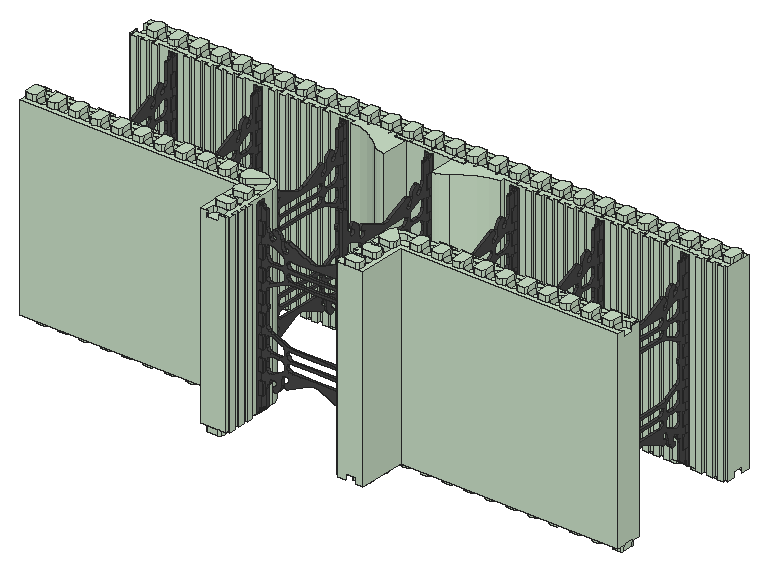
Revit family (continued)
Forms (in)
  Extrusion 95, void
    sketch origin (-11.99998, -0.00002, 0) x (0, -1, 0) y (1, 0, 0)
      loop
        arc (-4.89808, 25.99998) -> (-5.04517, 25.95213) -> (-5.13595, 25.8269) r 0.25
        arc (-5.13595, 25.8269) -> (-5.1875, 25.49998) -> (-5.13595, 25.17306) r 1.0625
    from 0 to 0.5
  Extrusion 96, void
    sketch origin (-9.99998, -0.00002, 0) x (0, -1, 0) y (1, 0, 0)
      loop
        arc (-5.13595, 25.17306) -> (-5.04517, 25.04783) -> (-4.89808, 24.99998) r 0.25
        line (-4.89808, 24.99998) -> (-3.97692, 24.99998)
        arc (-3.97692, 24.99998) -> (-3.82983, 25.04783) -> (-3.73905, 25.17306) r 0.25
        arc (-3.73905, 25.17306) -> (-3.69045, 25.4209) -> (-3.70172, 25.67321) r 1.0625
        arc (-3.70172, 25.67321) -> (-3.68771, 25.72383) -> (-3.64005, 25.7459) r 0.0625
        line (-3.64005, 25.7459) -> (-3.41845, 25.7459) -> (-3.41845, 25.91673) -> (-3.76455, 25.91673)
        arc (-3.76455, 25.91673) -> (-3.78736, 25.92104) -> (-3.80702, 25.93338) r 0.0625
        arc (-3.80702, 25.93338) -> (-3.88568, 25.98274) -> (-3.97692, 25.99998) r 0.25
        line (-3.97692, 25.99998) -> (-4.89808, 25.99998)
        arc (-4.89808, 25.99998) -> (-5.04517, 25.95213) -> (-5.13595, 25.8269) r 0.25
        arc (-5.13595, 25.8269) -> (-5.1875, 25.49998) -> (-5.13595, 25.17306) r 1.0625
    from 0 to 0.5
  Extrusion 97, void
    sketch origin (-7.99998, -0.00002, 0) x (0, -1, 0) y (1, 0, 0)
      loop
        arc (-5.13595, 25.17306) -> (-5.04517, 25.04783) -> (-4.89808, 24.99998) r 0.25
        line (-4.89808, 24.99998) -> (-3.97692, 24.99998)
        arc (-3.97692, 24.99998) -> (-3.82983, 25.04783) -> (-3.73905, 25.17306) r 0.25
        arc (-3.73905, 25.17306) -> (-3.69045, 25.4209) -> (-3.70172, 25.67321) r 1.0625
        arc (-3.70172, 25.67321) -> (-3.68771, 25.72383) -> (-3.64005, 25.7459) r 0.0625
        line (-3.64005, 25.7459) -> (-3.41845, 25.7459) -> (-3.41845, 25.91673) -> (-3.76455, 25.91673)
        arc (-3.76455, 25.91673) -> (-3.78736, 25.92104) -> (-3.80702, 25.93338) r 0.0625
        arc (-3.80702, 25.93338) -> (-3.88568, 25.98274) -> (-3.97692, 25.99998) r 0.25
        line (-3.97692, 25.99998) -> (-4.89808, 25.99998)
        arc (-4.89808, 25.99998) -> (-5.04517, 25.95213) -> (-5.13595, 25.8269) r 0.25
        arc (-5.13595, 25.8269) -> (-5.1875, 25.49998) -> (-5.13595, 25.17306) r 1.0625
    from 0 to 0.5
  Extrusion 98, void
    sketch origin (-5.99998, -0.00002, 0) x (0, -1, 0) y (1, 0, 0)
      loop
        arc (-5.13595, 25.17306) -> (-5.04517, 25.04783) -> (-4.89808, 24.99998) r 0.25
        line (-4.89808, 24.99998) -> (-3.97692, 24.99998)
        arc (-3.97692, 24.99998) -> (-3.82983, 25.04783) -> (-3.73905, 25.17306) r 0.25
        arc (-3.73905, 25.17306) -> (-3.69045, 25.4209) -> (-3.70172, 25.67321) r 1.0625
        arc (-3.70172, 25.67321) -> (-3.68771, 25.72383) -> (-3.64005, 25.7459) r 0.0625
        line (-3.64005, 25.7459) -> (-3.41845, 25.7459) -> (-3.41845, 25.91673) -> (-3.76455, 25.91673)
        arc (-3.76455, 25.91673) -> (-3.78736, 25.92104) -> (-3.80702, 25.93338) r 0.0625
        arc (-3.80702, 25.93338) -> (-3.88568, 25.98274) -> (-3.97692, 25.99998) r 0.25
        line (-3.97692, 25.99998) -> (-4.89808, 25.99998)
        arc (-4.89808, 25.99998) -> (-5.04517, 25.95213) -> (-5.13595, 25.8269) r 0.25
        arc (-5.13595, 25.8269) -> (-5.1875, 25.49998) -> (-5.13595, 25.17306) r 1.0625
    from 0 to 0.5
  Extrusion 99, void
    sketch origin (-3.99998, -0.00002, 0) x (0, -1, 0) y (1, 0, 0)
      loop
        arc (-5.13595, 25.17306) -> (-5.04517, 25.04783) -> (-4.89808, 24.99998) r 0.25
        line (-4.89808, 24.99998) -> (-3.97692, 24.99998)
        arc (-3.97692, 24.99998) -> (-3.82983, 25.04783) -> (-3.73905, 25.17306) r 0.25
        arc (-3.73905, 25.17306) -> (-3.69045, 25.4209) -> (-3.70172, 25.67321) r 1.0625
        arc (-3.70172, 25.67321) -> (-3.68771, 25.72383) -> (-3.64005, 25.7459) r 0.0625
        line (-3.64005, 25.7459) -> (-3.41845, 25.7459) -> (-3.41845, 25.91673) -> (-3.76455, 25.91673)
        arc (-3.76455, 25.91673) -> (-3.78736, 25.92104) -> (-3.80702, 25.93338) r 0.0625
        arc (-3.80702, 25.93338) -> (-3.88568, 25.98274) -> (-3.97692, 25.99998) r 0.25
        line (-3.97692, 25.99998) -> (-4.89808, 25.99998)
        arc (-4.89808, 25.99998) -> (-5.04517, 25.95213) -> (-5.13595, 25.8269) r 0.25
        arc (-5.13595, 25.8269) -> (-5.1875, 25.49998) -> (-5.13595, 25.17306) r 1.0625
    from 0 to 0.5
  Extrusion 100, void
    sketch origin (-1.99998, -0.00002, 0) x (0, -1, 0) y (1, 0, 0)
      loop
        arc (-5.13595, 25.17306) -> (-5.04517, 25.04783) -> (-4.89808, 24.99998) r 0.25
        line (-4.89808, 24.99998) -> (-3.97692, 24.99998)
        arc (-3.97692, 24.99998) -> (-3.82983, 25.04783) -> (-3.73905, 25.17306) r 0.25
        arc (-3.73905, 25.17306) -> (-3.69045, 25.4209) -> (-3.70172, 25.67321) r 1.0625
        arc (-3.70172, 25.67321) -> (-3.68771, 25.72383) -> (-3.64005, 25.7459) r 0.0625
        line (-3.64005, 25.7459) -> (-3.41845, 25.7459) -> (-3.41845, 25.91673) -> (-3.76455, 25.91673)
        arc (-3.76455, 25.91673) -> (-3.78736, 25.92104) -> (-3.80702, 25.93338) r 0.0625
        arc (-3.80702, 25.93338) -> (-3.88568, 25.98274) -> (-3.97692, 25.99998) r 0.25
        line (-3.97692, 25.99998) -> (-4.89808, 25.99998)
        arc (-4.89808, 25.99998) -> (-5.04517, 25.95213) -> (-5.13595, 25.8269) r 0.25
        arc (-5.13595, 25.8269) -> (-5.1875, 25.49998) -> (-5.13595, 25.17306) r 1.0625
    from 0 to 0.5
  Extrusion 101, void
    sketch origin (0.00002, -0.00002, 0) x (0, -1, 0) y (1, 0, 0)
      loop
        arc (-5.13595, 25.17306) -> (-5.04517, 25.04783) -> (-4.89808, 24.99998) r 0.25
        line (-4.89808, 24.99998) -> (-3.97692, 24.99998)
        arc (-3.97692, 24.99998) -> (-3.82983, 25.04783) -> (-3.73905, 25.17306) r 0.25
        arc (-3.73905, 25.17306) -> (-3.69045, 25.4209) -> (-3.70172, 25.67321) r 1.0625
        arc (-3.70172, 25.67321) -> (-3.68771, 25.72383) -> (-3.64005, 25.7459) r 0.0625
        line (-3.64005, 25.7459) -> (-3.41845, 25.7459) -> (-3.41845, 25.91673) -> (-3.76455, 25.91673)
        arc (-3.76455, 25.91673) -> (-3.78736, 25.92104) -> (-3.80702, 25.93338) r 0.0625
        arc (-3.80702, 25.93338) -> (-3.88568, 25.98274) -> (-3.97692, 25.99998) r 0.25
        line (-3.97692, 25.99998) -> (-4.89808, 25.99998)
        arc (-4.89808, 25.99998) -> (-5.04517, 25.95213) -> (-5.13595, 25.8269) r 0.25
        arc (-5.13595, 25.8269) -> (-5.1875, 25.49998) -> (-5.13595, 25.17306) r 1.0625
    from 0 to 0.5
  Extrusion 102, void
    sketch origin (-49.99998, -0.00002, 0) x (0, -1, 0) y (1, 0, 0)
      loop
        arc (-5.13595, 25.17306) -> (-5.04517, 25.04783) -> (-4.89808, 24.99998) r 0.25
        line (-4.89808, 24.99998) -> (-3.97692, 24.99998)
        arc (-3.97692, 24.99998) -> (-3.82983, 25.04783) -> (-3.73905, 25.17306) r 0.25
        arc (-3.73905, 25.17306) -> (-3.69045, 25.4209) -> (-3.70172, 25.67321) r 1.0625
        arc (-3.70172, 25.67321) -> (-3.68771, 25.72383) -> (-3.64005, 25.7459) r 0.0625
        line (-3.64005, 25.7459) -> (-3.41845, 25.7459) -> (-3.41845, 25.91673) -> (-3.76455, 25.91673)
        arc (-3.76455, 25.91673) -> (-3.78736, 25.92104) -> (-3.80702, 25.93338) r 0.0625
        arc (-3.80702, 25.93338) -> (-3.88568, 25.98274) -> (-3.97692, 25.99998) r 0.25
        line (-3.97692, 25.99998) -> (-4.89808, 25.99998)
        arc (-4.89808, 25.99998) -> (-5.04517, 25.95213) -> (-5.13595, 25.8269) r 0.25
        arc (-5.13595, 25.8269) -> (-5.1875, 25.49998) -> (-5.13595, 25.17306) r 1.0625
    from 0 to 0.5
  Extrusion 103, void
    sketch origin (-47.99998, -0.00002, 0) x (0, -1, 0) y (1, 0, 0)
      loop
        arc (-5.13595, 25.17306) -> (-5.04517, 25.04783) -> (-4.89808, 24.99998) r 0.25
        line (-4.89808, 24.99998) -> (-3.97692, 24.99998)
        arc (-3.97692, 24.99998) -> (-3.82983, 25.04783) -> (-3.73905, 25.17306) r 0.25
        arc (-3.73905, 25.17306) -> (-3.69045, 25.4209) -> (-3.70172, 25.67321) r 1.0625
        arc (-3.70172, 25.67321) -> (-3.68771, 25.72383) -> (-3.64005, 25.7459) r 0.0625
        line (-3.64005, 25.7459) -> (-3.41845, 25.7459) -> (-3.41845, 25.91673) -> (-3.76455, 25.91673)
        arc (-3.76455, 25.91673) -> (-3.78736, 25.92104) -> (-3.80702, 25.93338) r 0.0625
        arc (-3.80702, 25.93338) -> (-3.88568, 25.98274) -> (-3.97692, 25.99998) r 0.25
        line (-3.97692, 25.99998) -> (-4.89808, 25.99998)
        arc (-4.89808, 25.99998) -> (-5.04517, 25.95213) -> (-5.13595, 25.8269) r 0.25
        arc (-5.13595, 25.8269) -> (-5.1875, 25.49998) -> (-5.13595, 25.17306) r 1.0625
    from 0 to 0.5
  Extrusion 104, void
    sketch origin (-45.99998, -0.00002, 0) x (0, -1, 0) y (1, 0, 0)
      loop
        arc (-5.13595, 25.17306) -> (-5.04517, 25.04783) -> (-4.89808, 24.99998) r 0.25
        line (-4.89808, 24.99998) -> (-3.97692, 24.99998)
        arc (-3.97692, 24.99998) -> (-3.82983, 25.04783) -> (-3.73905, 25.17306) r 0.25
        arc (-3.73905, 25.17306) -> (-3.69045, 25.4209) -> (-3.70172, 25.67321) r 1.0625
        arc (-3.70172, 25.67321) -> (-3.68771, 25.72383) -> (-3.64005, 25.7459) r 0.0625
        line (-3.64005, 25.7459) -> (-3.41845, 25.7459) -> (-3.41845, 25.91673) -> (-3.76455, 25.91673)
        arc (-3.76455, 25.91673) -> (-3.78736, 25.92104) -> (-3.80702, 25.93338) r 0.0625
        arc (-3.80702, 25.93338) -> (-3.88568, 25.98274) -> (-3.97692, 25.99998) r 0.25
        line (-3.97692, 25.99998) -> (-4.89808, 25.99998)
        arc (-4.89808, 25.99998) -> (-5.04517, 25.95213) -> (-5.13595, 25.8269) r 0.25
        arc (-5.13595, 25.8269) -> (-5.1875, 25.49998) -> (-5.13595, 25.17306) r 1.0625
    from 0 to 0.5
  Extrusion 105, void
    sketch origin (-43.99998, -0.00002, 0) x (0, -1, 0) y (1, 0, 0)
      loop
        arc (-5.13595, 25.17306) -> (-5.04517, 25.04783) -> (-4.89808, 24.99998) r 0.25
        line (-4.89808, 24.99998) -> (-3.97692, 24.99998)
        arc (-3.97692, 24.99998) -> (-3.82983, 25.04783) -> (-3.73905, 25.17306) r 0.25
        arc (-3.73905, 25.17306) -> (-3.69045, 25.4209) -> (-3.70172, 25.67321) r 1.0625
        arc (-3.70172, 25.67321) -> (-3.68771, 25.72383) -> (-3.64005, 25.7459) r 0.0625
        line (-3.64005, 25.7459) -> (-3.41845, 25.7459) -> (-3.41845, 25.91673) -> (-3.76455, 25.91673)
        arc (-3.76455, 25.91673) -> (-3.78736, 25.92104) -> (-3.80702, 25.93338) r 0.0625
        arc (-3.80702, 25.93338) -> (-3.88568, 25.98274) -> (-3.97692, 25.99998) r 0.25
        line (-3.97692, 25.99998) -> (-4.89808, 25.99998)
        arc (-4.89808, 25.99998) -> (-5.04517, 25.95213) -> (-5.13595, 25.8269) r 0.25
        arc (-5.13595, 25.8269) -> (-5.1875, 25.49998) -> (-5.13595, 25.17306) r 1.0625
    from 0 to 0.5
  Extrusion 106, void
    sketch origin (-41.99998, -0.00002, 0) x (0, -1, 0) y (1, 0, 0)
      loop
        arc (-5.13595, 25.17306) -> (-5.04517, 25.04783) -> (-4.89808, 24.99998) r 0.25
        line (-4.89808, 24.99998) -> (-3.97692, 24.99998)
        arc (-3.97692, 24.99998) -> (-3.82983, 25.04783) -> (-3.73905, 25.17306) r 0.25
        arc (-3.73905, 25.17306) -> (-3.69045, 25.4209) -> (-3.70172, 25.67321) r 1.0625
        arc (-3.70172, 25.67321) -> (-3.68771, 25.72383) -> (-3.64005, 25.7459) r 0.0625
        line (-3.64005, 25.7459) -> (-3.41845, 25.7459) -> (-3.41845, 25.91673) -> (-3.76455, 25.91673)
        arc (-3.76455, 25.91673) -> (-3.78736, 25.92104) -> (-3.80702, 25.93338) r 0.0625
        arc (-3.80702, 25.93338) -> (-3.88568, 25.98274) -> (-3.97692, 25.99998) r 0.25
        line (-3.97692, 25.99998) -> (-4.89808, 25.99998)
        arc (-4.89808, 25.99998) -> (-5.04517, 25.95213) -> (-5.13595, 25.8269) r 0.25
        arc (-5.13595, 25.8269) -> (-5.1875, 25.49998) -> (-5.13595, 25.17306) r 1.0625
    from 0 to 0.5
  Extrusion 107, void
    sketch origin (-39.99998, -0.00002, 0) x (0, -1, 0) y (1, 0, 0)
      loop
        arc (-5.13595, 25.17306) -> (-5.04517, 25.04783) -> (-4.89808, 24.99998) r 0.25
        line (-4.89808, 24.99998) -> (-3.97692, 24.99998)
        arc (-3.97692, 24.99998) -> (-3.82983, 25.04783) -> (-3.73905, 25.17306) r 0.25
        arc (-3.73905, 25.17306) -> (-3.69045, 25.4209) -> (-3.70172, 25.67321) r 1.0625
        arc (-3.70172, 25.67321) -> (-3.68771, 25.72383) -> (-3.64005, 25.7459) r 0.0625
        line (-3.64005, 25.7459) -> (-3.41845, 25.7459) -> (-3.41845, 25.91673) -> (-3.76455, 25.91673)
        arc (-3.76455, 25.91673) -> (-3.78736, 25.92104) -> (-3.80702, 25.93338) r 0.0625
        arc (-3.80702, 25.93338) -> (-3.88568, 25.98274) -> (-3.97692, 25.99998) r 0.25
        line (-3.97692, 25.99998) -> (-4.89808, 25.99998)
        arc (-4.89808, 25.99998) -> (-5.04517, 25.95213) -> (-5.13595, 25.8269) r 0.25
        arc (-5.13595, 25.8269) -> (-5.1875, 25.49998) -> (-5.13595, 25.17306) r 1.0625
    from 0 to 0.5
  Extrusion 108, void
    sketch origin (-37.99998, -0.00002, 0) x (0, -1, 0) y (1, 0, 0)
      loop
        arc (-5.13595, 25.17306) -> (-5.04517, 25.04783) -> (-4.89808, 24.99998) r 0.25
        line (-4.89808, 24.99998) -> (-3.97692, 24.99998)
        arc (-3.97692, 24.99998) -> (-3.82983, 25.04783) -> (-3.73905, 25.17306) r 0.25
        arc (-3.73905, 25.17306) -> (-3.69045, 25.4209) -> (-3.70172, 25.67321) r 1.0625
        arc (-3.70172, 25.67321) -> (-3.68771, 25.72383) -> (-3.64005, 25.7459) r 0.0625
        line (-3.64005, 25.7459) -> (-3.41845, 25.7459) -> (-3.41845, 25.91673) -> (-3.76455, 25.91673)
        arc (-3.76455, 25.91673) -> (-3.78736, 25.92104) -> (-3.80702, 25.93338) r 0.0625
        arc (-3.80702, 25.93338) -> (-3.88568, 25.98274) -> (-3.97692, 25.99998) r 0.25
        line (-3.97692, 25.99998) -> (-4.89808, 25.99998)
        arc (-4.89808, 25.99998) -> (-5.04517, 25.95213) -> (-5.13595, 25.8269) r 0.25
        arc (-5.13595, 25.8269) -> (-5.1875, 25.49998) -> (-5.13595, 25.17306) r 1.0625
    from 0 to 0.5
  Extrusion 109, void
    sketch origin (-35.99998, -0.00002, 0) x (0, -1, 0) y (1, 0, 0)
      loop
        arc (-5.13595, 25.17306) -> (-5.04517, 25.04783) -> (-4.89808, 24.99998) r 0.25
        line (-4.89808, 24.99998) -> (-3.97692, 24.99998)
        arc (-3.97692, 24.99998) -> (-3.82983, 25.04783) -> (-3.73905, 25.17306) r 0.25
        arc (-3.73905, 25.17306) -> (-3.69045, 25.4209) -> (-3.70172, 25.67321) r 1.0625
        arc (-3.70172, 25.67321) -> (-3.68771, 25.72383) -> (-3.64005, 25.7459) r 0.0625
        line (-3.64005, 25.7459) -> (-3.41845, 25.7459) -> (-3.41845, 25.91673) -> (-3.76455, 25.91673)
        arc (-3.76455, 25.91673) -> (-3.78736, 25.92104) -> (-3.80702, 25.93338) r 0.0625
        arc (-3.80702, 25.93338) -> (-3.88568, 25.98274) -> (-3.97692, 25.99998) r 0.25
        line (-3.97692, 25.99998) -> (-4.89808, 25.99998)
        arc (-4.89808, 25.99998) -> (-5.04517, 25.95213) -> (-5.13595, 25.8269) r 0.25
        arc (-5.13595, 25.8269) -> (-5.1875, 25.49998) -> (-5.13595, 25.17306) r 1.0625
    from 0 to 0.5
  Extrusion 110, void
    sketch origin (51.99998, -0.00002, 0) x (0, -1, 0) y (1, 0, 0)
      loop
        arc (-5.13595, -25.17306) -> (-5.1875, -25.49998) -> (-5.13595, -25.8269) r 1.0625
        arc (-5.13595, -25.8269) -> (-5.04517, -25.95213) -> (-4.89808, -25.99998) r 0.25
        line (-4.89808, -25.99998) -> (-3.97692, -25.99998)
        arc (-3.97692, -25.99998) -> (-3.88568, -25.98274) -> (-3.80702, -25.93338) r 0.25
        arc (-3.80702, -25.93338) -> (-3.78736, -25.92104) -> (-3.76455, -25.91673) r 0.0625
        line (-3.76455, -25.91673) -> (-3.41845, -25.91673) -> (-3.41845, -25.7459) -> (-3.64005, -25.7459)
        arc (-3.64005, -25.7459) -> (-3.68771, -25.72383) -> (-3.70172, -25.67321) r 0.0625
        arc (-3.70172, -25.67321) -> (-3.69045, -25.4209) -> (-3.73905, -25.17306) r 1.0625
        arc (-3.73905, -25.17306) -> (-3.82983, -25.04783) -> (-3.97692, -24.99998) r 0.25
        line (-3.97692, -24.99998) -> (-4.89808, -24.99998)
        arc (-4.89808, -24.99998) -> (-5.04517, -25.04783) -> (-5.13595, -25.17306) r 0.25
    from 18 to 17.5
  Extrusion 111, void
    sketch origin (2.00002, -0.00002, 0) x (0, -1, 0) y (1, 0, 0)
      loop
        arc (-5.13595, 25.17306) -> (-5.04517, 25.04783) -> (-4.89808, 24.99998) r 0.25
        line (-4.89808, 24.99998) -> (-3.97692, 24.99998)
        arc (-3.97692, 24.99998) -> (-3.82983, 25.04783) -> (-3.73905, 25.17306) r 0.25
        arc (-3.73905, 25.17306) -> (-3.69045, 25.4209) -> (-3.70172, 25.67321) r 1.0625
        arc (-3.70172, 25.67321) -> (-3.68771, 25.72383) -> (-3.64005, 25.7459) r 0.0625
        line (-3.64005, 25.7459) -> (-3.41845, 25.7459) -> (-3.41845, 25.91673) -> (-3.76455, 25.91673)
        arc (-3.76455, 25.91673) -> (-3.78736, 25.92104) -> (-3.80702, 25.93338) r 0.0625
        arc (-3.80702, 25.93338) -> (-3.88568, 25.98274) -> (-3.97692, 25.99998) r 0.25
        line (-3.97692, 25.99998) -> (-4.89808, 25.99998)
        arc (-4.89808, 25.99998) -> (-5.04517, 25.95213) -> (-5.13595, 25.8269) r 0.25
        arc (-5.13595, 25.8269) -> (-5.1875, 25.49998) -> (-5.13595, 25.17306) r 1.0625
    from 0 to 0.5
  Extrusion 112, solid, material "NUDURA Expanded Polystyrene Foam Insulation"
    sketch origin (0, 0, 0) x (1, 0, 0) y (0, 1, 0)
      loop
        line (5.25, 5.62754) -> (-1.25, 5.62754) -> (-1.25, 5.17633) -> (-1, 5.24332) -> (-1, 4.63633) -> (-1.25, 4.69867) -> (-1.25, 4.17633) -> (-1, 4.24332) -> (-1, 3.63633) -> (-1.25, 3.69867) -> (-1.25, 3.25) -> (5.25, 3.25) -> (5.25, 3.69867) -> (5, 3.63633) -> (5, 4.24332) -> (5.25, 4.17633) -> (5.25, 4.69867) -> (5, 4.63633) -> (5, 5.24332) -> (5.25, 5.17633) -> (5.25, 5.62754)
    from 0 to 18
  Extrusion 113, void
    sketch origin (53.99998, -0.00002, 0) x (0, -1, 0) y (1, 0, 0)
      loop
        arc (-5.13595, -25.17306) -> (-5.1875, -25.49998) -> (-5.13595, -25.8269) r 1.0625
        arc (-5.13595, -25.8269) -> (-5.04517, -25.95213) -> (-4.89808, -25.99998) r 0.25
        line (-4.89808, -25.99998) -> (-3.97692, -25.99998)
        arc (-3.97692, -25.99998) -> (-3.88568, -25.98274) -> (-3.80702, -25.93338) r 0.25
        arc (-3.80702, -25.93338) -> (-3.78736, -25.92104) -> (-3.76455, -25.91673) r 0.0625
        line (-3.76455, -25.91673) -> (-3.41845, -25.91673) -> (-3.41845, -25.7459) -> (-3.64005, -25.7459)
        arc (-3.64005, -25.7459) -> (-3.68771, -25.72383) -> (-3.70172, -25.67321) r 0.0625
        arc (-3.70172, -25.67321) -> (-3.69045, -25.4209) -> (-3.73905, -25.17306) r 1.0625
        arc (-3.73905, -25.17306) -> (-3.82983, -25.04783) -> (-3.97692, -24.99998) r 0.25
        line (-3.97692, -24.99998) -> (-4.89808, -24.99998)
        arc (-4.89808, -24.99998) -> (-5.04517, -25.04783) -> (-5.13595, -25.17306) r 0.25
    from 18 to 17.5
  Extrusion 114, void
    sketch origin (4.00002, -0.00002, 0) x (0, -1, 0) y (1, 0, 0)
      loop
        arc (-5.13595, 25.17306) -> (-5.04517, 25.04783) -> (-4.89808, 24.99998) r 0.25
        line (-4.89808, 24.99998) -> (-3.97692, 24.99998)
        arc (-3.97692, 24.99998) -> (-3.82983, 25.04783) -> (-3.73905, 25.17306) r 0.25
        arc (-3.73905, 25.17306) -> (-3.69045, 25.4209) -> (-3.70172, 25.67321) r 1.0625
        arc (-3.70172, 25.67321) -> (-3.68771, 25.72383) -> (-3.64005, 25.7459) r 0.0625
        line (-3.64005, 25.7459) -> (-3.41845, 25.7459) -> (-3.41845, 25.91673) -> (-3.76455, 25.91673)
        arc (-3.76455, 25.91673) -> (-3.78736, 25.92104) -> (-3.80702, 25.93338) r 0.0625
        arc (-3.80702, 25.93338) -> (-3.88568, 25.98274) -> (-3.97692, 25.99998) r 0.25
        line (-3.97692, 25.99998) -> (-4.89808, 25.99998)
        arc (-4.89808, 25.99998) -> (-5.04517, 25.95213) -> (-5.13595, 25.8269) r 0.25
        arc (-5.13595, 25.8269) -> (-5.1875, 25.49998) -> (-5.13595, 25.17306) r 1.0625
    from 0 to 0.5
Cuts and joins
  Extrusion 2, Extrusion 3, Extrusion 4, Extrusion 5, Extrusion 6, Extrusion 7, Extrusion 8, Extrusion 9, Extrusion 10, Extrusion 11, Extrusion 12, Extrusion 13, Extrusion 14, Extrusion 15, Extrusion 16, Extrusion 17, Extrusion 18, Extrusion 19, Extrusion 20, Extrusion 21, Extrusion 22, Extrusion 23, Extrusion 24, Extrusion 25, Extrusion 26, Extrusion 27, Extrusion 28, Extrusion 29, Extrusion 30, Extrusion 31, Extrusion 32, Extrusion 33, Extrusion 34, Extrusion 35, Extrusion 36, Extrusion 37, Extrusion 38, Extrusion 39, Extrusion 40, Extrusion 41, Extrusion 46, Extrusion 47, Extrusion 48, Extrusion 49, Extrusion 50, Extrusion 51, Extrusion 52, Extrusion 53, Extrusion 54, Extrusion 55, Extrusion 56, Extrusion 57, Extrusion 58, Extrusion 59, Extrusion 60, Extrusion 61, Extrusion 62, Extrusion 63, Extrusion 64, Extrusion 65, Extrusion 66, Extrusion 67, Extrusion 68, Extrusion 69, Extrusion 70, Extrusion 71, Extrusion 72, Extrusion 73, Extrusion 74, Extrusion 75, Extrusion 76, Extrusion 77, Extrusion 78, Extrusion 79, Extrusion 80, Extrusion 81, Extrusion 82, Extrusion 83, Extrusion 84, Extrusion 85, Extrusion 86, Extrusion 87, Extrusion 88, Extrusion 89, Extrusion 90, Extrusion 91, Extrusion 92, Extrusion 93, Extrusion 94, Extrusion 95, Extrusion 96, Extrusion 97, Extrusion 98, Extrusion 99, Extrusion 100, Extrusion 101, Extrusion 102, Extrusion 103, Extrusion 104, Extrusion 105, Extrusion 106, Extrusion 107, Extrusion 108, Extrusion 109, Extrusion 110, Extrusion 111, Extrusion 113, Extrusion 114 cuts Extrusion 1
  Extrusion 54 cuts Extrusion 43
  Extrusion 86 cuts Extrusion 45
  Extrusion 26, Extrusion 27, Extrusion 28, Extrusion 29, Extrusion 36, Extrusion 37, Extrusion 38 cuts Extrusion 112
Lines and regions (in)
  model lines
    curve 1: line (0, 5.62754, 18) -> (0, 5.62754, 0)
    curve 2: line (-2, 5.62754, 0) -> (-2, 5.62754, 18)
Dimensions and locks (in)
  locked: plane 8 to level at 18  (x2)
  locked: plane 5 to plane 4 at 10
  locked: plane 7 to plane 6 at 10
  aligned and locked: plane 8 to Extrusion 1
  aligned and locked: Extrusion 1 to level
  aligned and locked: Extrusion 1 to plane 8
  aligned and locked: plane 2 to level
  aligned: cut or joined group 1 (Extrusion 1, Extrusion 2, Extrusion 3, Extrusion 4, Extrusion 5, Extrusion 6, Extrusion 7, Extrusion 8, Extrusion 9, Extrusion 10, Extrusion 11, Extrusion 12, Extrusion 13, Extrusion 14, Extrusion 15, Extrusion 16, Extrusion 17, Extrusion 18, Extrusion 19, Extrusion 20, Extrusion 21, Extrusion 22, Extrusion 23, Extrusion 24, Extrusion 25, Extrusion 26, Extrusion 27, Extrusion 28, Extrusion 29, Extrusion 30, Extrusion 31, Extrusion 32, Extrusion 33, Extrusion 34, Extrusion 35, Extrusion 36, Extrusion 37, Extrusion 38, Extrusion 39, Extrusion 40, Extrusion 41, Extrusion 46, Extrusion 47, Extrusion 48, Extrusion 49, Extrusion 50, Extrusion 51, Extrusion 52, Extrusion 53, Extrusion 54, Extrusion 55, Extrusion 56, Extrusion 57, Extrusion 58, Extrusion 59, Extrusion 60, Extrusion 61, Extrusion 62, Extrusion 63, Extrusion 64, Extrusion 65, Extrusion 66, Extrusion 67, Extrusion 68, Extrusion 69, Extrusion 70, Extrusion 71, Extrusion 72, Extrusion 73, Extrusion 74, Extrusion 75, Extrusion 76, Extrusion 77, Extrusion 78, Extrusion 79, Extrusion 80, Extrusion 81, Extrusion 82, Extrusion 83, Extrusion 84, Extrusion 85, Extrusion 86, Extrusion 87, Extrusion 88, Extrusion 89, Extrusion 90, Extrusion 91, Extrusion 92, Extrusion 93, Extrusion 94, Extrusion 95, Extrusion 96, Extrusion 97, Extrusion 98, Extrusion 99, Extrusion 100, Extrusion 101, Extrusion 102, Extrusion 103, Extrusion 104, Extrusion 105, Extrusion 106, Extrusion 107, Extrusion 108, Extrusion 109, Extrusion 110, Extrusion 111, Extrusion 113, Extrusion 114) to nested 37
  aligned: nested 39 to cut or joined group 1
  aligned: nested 40 to cut or joined group 1
  aligned: cut or joined group 1 to nested 41
  aligned and locked: cut or joined group 1 to nested 106
  aligned and locked: cut or joined group 1 to nested 107
  aligned and locked: nested 40 to nested 41
  aligned and locked: nested 108 to nested 40
  aligned and locked: cut or joined group 1 to nested 109
  aligned and locked: nested 111 to cut or joined group 1
  aligned and locked: cut or joined group 1 to nested 110
  aligned: nested 112 to cut or joined group 1  (x2)
  aligned: nested 113 to cut or joined group 1
  aligned: nested 114 to cut or joined group 1
  aligned and locked: nested 113 to nested 110
  aligned and locked: nested 127 to cut or joined group of Extrusion 26, Extrusion 27, Extrusion 28, Extrusion 29, Extrusion 36, Extrusion 37, Extrusion 38, Extrusion 112
Nested families (in)
  nested 1: "Interlock Tooth" at (4, -13.99998, 0) x (0, 1, 0) z (0, 0, 1), type "Interlock Tooth"
  nested 2: "Interlock Tooth" at (4, -11.99998, 0) x (0, 1, 0) z (0, 0, 1), type "Interlock Tooth"
  nested 3: "Interlock Tooth" at (0, -12.99998, 0) x (0, 1, 0) z (0, 0, 1), type "Interlock Tooth"
  nested 4: "Interlock Tooth" at (0, -10.99998, 0) x (0, 1, 0) z (0, 0, 1), type "Interlock Tooth"
  nested 5: "Interlock Tooth" at (-10, -3.99998, 0), type "Interlock Tooth"
  nested 6: "Interlock Tooth" at (-8, -3.99998, 0), type "Interlock Tooth"
  nested 7: "Interlock Tooth" at (10, -3.99998, 0), type "Interlock Tooth"
  nested 8: "Interlock Tooth" at (12, -3.99998, 0), type "Interlock Tooth"
  nested 9: "Interlock Tooth" at (-9, -3.99998, -18.5), type "Interlock Tooth"
  nested 10: "Interlock Tooth" at (-7, -3.99998, -18.5), type "Interlock Tooth"
  nested 11: "Interlock Tooth" at (13, -3.99998, -18.5), type "Interlock Tooth"
  nested 12: "Interlock Tooth" at (11, -3.99998, -18.5), type "Interlock Tooth"
  nested 13: "Interlock Tooth" at (0, -12.99998, -18.5) x (0, -1, 0) z (0, 0, 1), type "Interlock Tooth"
  nested 14: "Interlock Tooth" at (0, -10.99998, -18.5) x (0, -1, 0) z (0, 0, 1), type "Interlock Tooth"
  nested 15: "Interlock Tooth" at (4, -12.99998, -18.5) x (0, 1, 0) z (0, 0, 1), type "Interlock Tooth"
  nested 16: "Interlock Tooth" at (4, -10.99998, -18.5) x (0, 1, 0) z (0, 0, 1), type "Interlock Tooth"
  nested 17: "Interlock Tooth" at (-8, -0.00002, 0) x (-1, 0, 0) z (0, 0, 1), type "Interlock Tooth"
  nested 18: "Interlock Tooth" at (-9, -0.00002, -18.5) x (-1, 0, 0) z (0, 0, 1), type "Interlock Tooth"
  nested 19: "Interlock Tooth" at (-6, -0.00002, 0) x (-1, 0, 0) z (0, 0, 1), type "Interlock Tooth"
  nested 20: "Interlock Tooth" at (-7, -0.00002, -18.5) x (-1, 0, 0) z (0, 0, 1), type "Interlock Tooth"
  nested 21: "Interlock Tooth" at (-4, -0.00002, 0) x (-1, 0, 0) z (0, 0, 1), type "Interlock Tooth"
  nested 22: "Interlock Tooth" at (-5, -0.00002, -18.5) x (-1, 0, 0) z (0, 0, 1), type "Interlock Tooth"
  nested 23: "Interlock Tooth" at (-2, -0.00002, 0) x (-1, 0, 0) z (0, 0, 1), type "Interlock Tooth"
  nested 24: "Interlock Tooth" at (-3, -0.00002, -18.5) x (-1, 0, 0) z (0, 0, 1), type "Interlock Tooth"
  nested 25: "Interlock Tooth" at (0, -0.00002, 0) x (-1, 0, 0) z (0, 0, 1), type "Interlock Tooth"
  nested 26: "Interlock Tooth" at (-1, -0.00002, -18.5) x (-1, 0, 0) z (0, 0, 1), type "Interlock Tooth"
  nested 27: "Interlock Tooth" at (2, -0.00002, 0) x (-1, 0, 0) z (0, 0, 1), type "Interlock Tooth"
  nested 28: "Interlock Tooth" at (1, -0.00002, -18.5) x (-1, 0, 0) z (0, 0, 1), type "Interlock Tooth"
  nested 29: "Interlock Tooth" at (4, -0.00002, 0) x (-1, 0, 0) z (0, 0, 1), type "Interlock Tooth"
  nested 30: "Interlock Tooth" at (3, -0.00002, -18.5) x (-1, 0, 0) z (0, 0, 1), type "Interlock Tooth"
  nested 31: "Interlock Tooth" at (6, -0.00002, 0) x (-1, 0, 0) z (0, 0, 1), type "Interlock Tooth"
  nested 32: "Interlock Tooth" at (5, -0.00002, -18.5) x (-1, 0, 0) z (0, 0, 1), type "Interlock Tooth"
  nested 33: "Interlock Tooth" at (8, -0.00002, 0) x (-1, 0, 0) z (0, 0, 1), type "Interlock Tooth"
  nested 34: "Interlock Tooth" at (7, -0.00002, -18.5) x (-1, 0, 0) z (0, 0, 1), type "Interlock Tooth"
  nested 35: "Interlock Tooth" at (10, -0.00002, 0) x (-1, 0, 0) z (0, 0, 1), type "Interlock Tooth"
  nested 36: "Interlock Tooth" at (9, -0.00002, -18.5) x (-1, 0, 0) z (0, 0, 1), type "Interlock Tooth"
  nested 37: "NUDURA Diamond Pattern Missing Two Lines" at (-11.25, -13.99998, 0) x (0, 1, 0) z (0, 0, 1), type "NUDURA Diamond Pattern minus Two lines"
  nested 38: "NUDURA Diamond Pattern Missing Two Lines" at (-10, -4, 0), type "NUDURA Diamond Pattern minus Two lines"
  nested 39: "NUDURA Diamond Pattern Missing Two Lines" at (4, -13.99998, 0) x (0, 1, 0) z (0, 0, 1), type "NUDURA Diamond Pattern minus Two lines"
  nested 40: "NUDURA Logo Diamond" at (21.99744, 5.62754, 0) x (-1, 0, 0) z (0, 0, 1), type "NUDURA Logo Diamond"
  nested 41: "NUDURA Logo Diamond" at (5.99744, 5.62754, 0) x (-1, 0, 0) z (0, 0, 1), type "NUDURA Logo Diamond"
  nested 42: "Interlock Tooth" at (-16, -0.00002, 0) x (-1, 0, 0) z (0, 0, 1), type "Interlock Tooth"
  nested 43: "Interlock Tooth" at (-14, -0.00002, 0) x (-1, 0, 0) z (0, 0, 1), type "Interlock Tooth"
  nested 44: "Interlock Tooth" at (-12, -0.00002, 0) x (-1, 0, 0) z (0, 0, 1), type "Interlock Tooth"
  nested 45: "Interlock Tooth" at (-10, -0.00002, 0) x (-1, 0, 0) z (0, 0, 1), type "Interlock Tooth"
  nested 46: "Interlock Tooth" at (-18, -0.00002, 0) x (-1, 0, 0) z (0, 0, 1), type "Interlock Tooth"
  nested 47: "Interlock Tooth" at (-24, -0.00002, 0) x (-1, 0, 0) z (0, 0, 1), type "Interlock Tooth"
  nested 48: "Interlock Tooth" at (-22, -0.00002, 0) x (-1, 0, 0) z (0, 0, 1), type "Interlock Tooth"
  nested 49: "Interlock Tooth" at (-20, -0.00002, 0) x (-1, 0, 0) z (0, 0, 1), type "Interlock Tooth"
  nested 50: "Interlock Tooth" at (-14, -3.99998, 0), type "Interlock Tooth"
  nested 51: "Interlock Tooth" at (-12, -3.99998, 0), type "Interlock Tooth"
  nested 52: "Interlock Tooth" at (-18, -3.99998, 0), type "Interlock Tooth"
  nested 53: "Interlock Tooth" at (-16, -3.99998, 0), type "Interlock Tooth"
  nested 54: "Interlock Tooth" at (-22, -3.99998, 0), type "Interlock Tooth"
  nested 55: "Interlock Tooth" at (-20, -3.99998, 0), type "Interlock Tooth"
  nested 56: "Interlock Tooth" at (-26, -3.99998, 0), type "Interlock Tooth"
  nested 57: "Interlock Tooth" at (-24, -3.99998, 0), type "Interlock Tooth"
  nested 58: "Interlock Tooth" at (14, -3.99998, 0), type "Interlock Tooth"
  nested 59: "Interlock Tooth" at (16, -3.99998, 0), type "Interlock Tooth"
  nested 60: "Interlock Tooth" at (18, -3.99998, 0), type "Interlock Tooth"
  nested 61: "Interlock Tooth" at (20, -3.99998, 0), type "Interlock Tooth"
  nested 62: "Interlock Tooth" at (22, -3.99998, 0), type "Interlock Tooth"
  nested 63: "Interlock Tooth" at (24, -3.99998, 0), type "Interlock Tooth"
  nested 64: "Interlock Tooth" at (26, -3.99998, 0), type "Interlock Tooth"
  nested 65: "Interlock Tooth" at (28, -3.99998, 0), type "Interlock Tooth"
  nested 66: "Interlock Tooth" at (14, -0.00002, 0) x (-1, 0, 0) z (0, 0, 1), type "Interlock Tooth"
  nested 67: "Interlock Tooth" at (16, -0.00002, 0) x (-1, 0, 0) z (0, 0, 1), type "Interlock Tooth"
  nested 68: "Interlock Tooth" at (18, -0.00002, 0) x (-1, 0, 0) z (0, 0, 1), type "Interlock Tooth"
  nested 69: "Interlock Tooth" at (20, -0.00002, 0) x (-1, 0, 0) z (0, 0, 1), type "Interlock Tooth"
  nested 70: "Interlock Tooth" at (22, -0.00002, 0) x (-1, 0, 0) z (0, 0, 1), type "Interlock Tooth"
  nested 71: "Interlock Tooth" at (24, -0.00002, 0) x (-1, 0, 0) z (0, 0, 1), type "Interlock Tooth"
  nested 72: "Interlock Tooth" at (26, -0.00002, 0) x (-1, 0, 0) z (0, 0, 1), type "Interlock Tooth"
  nested 73: "Interlock Tooth" at (12, -0.00002, 0) x (-1, 0, 0) z (0, 0, 1), type "Interlock Tooth"
  nested 74: "Interlock Tooth" at (-13, -3.99998, -18.5), type "Interlock Tooth"
  nested 75: "Interlock Tooth" at (-11, -3.99998, -18.5), type "Interlock Tooth"
  nested 76: "Interlock Tooth" at (-17, -3.99998, -18.5), type "Interlock Tooth"
  nested 77: "Interlock Tooth" at (-15, -3.99998, -18.5), type "Interlock Tooth"
  nested 78: "Interlock Tooth" at (-21, -3.99998, -18.5), type "Interlock Tooth"
  nested 79: "Interlock Tooth" at (-19, -3.99998, -18.5), type "Interlock Tooth"
  nested 80: "Interlock Tooth" at (-25, -3.99998, -18.5), type "Interlock Tooth"
  nested 81: "Interlock Tooth" at (-23, -3.99998, -18.5), type "Interlock Tooth"
  nested 82: "Interlock Tooth" at (17, -3.99998, -18.5), type "Interlock Tooth"
  nested 83: "Interlock Tooth" at (15, -3.99998, -18.5), type "Interlock Tooth"
  nested 84: "Interlock Tooth" at (21, -3.99998, -18.5), type "Interlock Tooth"
  nested 85: "Interlock Tooth" at (19, -3.99998, -18.5), type "Interlock Tooth"
  nested 86: "Interlock Tooth" at (25, -3.99998, -18.5), type "Interlock Tooth"
  nested 87: "Interlock Tooth" at (23, -3.99998, -18.5), type "Interlock Tooth"
  nested 88: "Interlock Tooth" at (29, -3.99998, -18.5), type "Interlock Tooth"
  nested 89: "Interlock Tooth" at (27, -3.99998, -18.5), type "Interlock Tooth"
  nested 90: "Interlock Tooth" at (11, -0.00002, -18.5) x (-1, 0, 0) z (0, 0, 1), type "Interlock Tooth"
  nested 91: "Interlock Tooth" at (13, -0.00002, -18.5) x (-1, 0, 0) z (0, 0, 1), type "Interlock Tooth"
  nested 92: "Interlock Tooth" at (15, -0.00002, -18.5) x (-1, 0, 0) z (0, 0, 1), type "Interlock Tooth"
  nested 93: "Interlock Tooth" at (17, -0.00002, -18.5) x (-1, 0, 0) z (0, 0, 1), type "Interlock Tooth"
  nested 94: "Interlock Tooth" at (19, -0.00002, -18.5) x (-1, 0, 0) z (0, 0, 1), type "Interlock Tooth"
  nested 95: "Interlock Tooth" at (21, -0.00002, -18.5) x (-1, 0, 0) z (0, 0, 1), type "Interlock Tooth"
  nested 96: "Interlock Tooth" at (23, -0.00002, -18.5) x (-1, 0, 0) z (0, 0, 1), type "Interlock Tooth"
  nested 97: "Interlock Tooth" at (25, -0.00002, -18.5) x (-1, 0, 0) z (0, 0, 1), type "Interlock Tooth"
  nested 98: "Interlock Tooth" at (-25, -0.00002, -18.5) x (-1, 0, 0) z (0, 0, 1), type "Interlock Tooth"
  nested 99: "Interlock Tooth" at (-23, -0.00002, -18.5) x (-1, 0, 0) z (0, 0, 1), type "Interlock Tooth"
  nested 100: "Interlock Tooth" at (-21, -0.00002, -18.5) x (-1, 0, 0) z (0, 0, 1), type "Interlock Tooth"
  nested 101: "Interlock Tooth" at (-19, -0.00002, -18.5) x (-1, 0, 0) z (0, 0, 1), type "Interlock Tooth"
  nested 102: "Interlock Tooth" at (-17, -0.00002, -18.5) x (-1, 0, 0) z (0, 0, 1), type "Interlock Tooth"
  nested 103: "Interlock Tooth" at (-15, -0.00002, -18.5) x (-1, 0, 0) z (0, 0, 1), type "Interlock Tooth"
  nested 104: "Interlock Tooth" at (-13, -0.00002, -18.5) x (-1, 0, 0) z (0, 0, 1), type "Interlock Tooth"
  nested 105: "Interlock Tooth" at (-11, -0.00002, -18.5) x (-1, 0, 0) z (0, 0, 1), type "Interlock Tooth"
  nested 106: "NUDURA Diamond Pattern" at (-26, 11.25254, 0), type "NUDURA Diamond Pattern"
  nested 107: "NUDURA Diamond Pattern" at (-18, 11.25254, 0), type "NUDURA Diamond Pattern"
  nested 108: "NUDURA Diamond Pattern" at (22, 0.00254, 0) x (-1, 0, 0) z (0, 0, 1), type "NUDURA Diamond Pattern"
  nested 109: "NUDURA Diamond Pattern" at (30, 0.00254, 0) x (-1, 0, 0) z (0, 0, 1), type "NUDURA Diamond Pattern"
  nested 110: "NUDURA Logo Diamond" at (14.00256, -9.62244, 0), type "NUDURA Logo Diamond"
  nested 111: "NUDURA Logo Diamond" at (-33.99744, -9.62244, 0), type "NUDURA Logo Diamond"
  nested 112: "NUDURA Diamond Pattern" at (-18, -3.99744, 0), type "NUDURA Diamond Pattern"
  nested 113: "NUDURA Diamond Pattern" at (14, -3.99744, 0), type "NUDURA Diamond Pattern"
  nested 114: "NUDURA Diamond Pattern Missing Left Line" at (6, -3.99744, 0), type "NUDURA Diamond Pattern missing left line"
  nested 115: "Interlock Tooth" at (28, -0.00002, 0) x (-1, 0, 0) z (0, 0, 1), type "Interlock Tooth"
  nested 116: "Interlock Tooth" at (27, -0.00002, -18.5) x (-1, 0, 0) z (0, 0, 1), type "Interlock Tooth"
  nested 117: "Interlock Tooth" at (30, -0.00002, 0) x (-1, 0, 0) z (0, 0, 1), type "Interlock Tooth"
  nested 118: "Interlock Tooth" at (29, -0.00002, -18.5) x (-1, 0, 0) z (0, 0, 1), type "Interlock Tooth"
  nested 119: "10-inch Insert Web" at (-22, -2, 0), type "10-inch Insert Web"
  nested 120: "10-inch Insert Web" at (-14, -2, 0), type "10-inch Insert Web"
  nested 121: "10-inch Insert Web" at (-6, -1.99998, 0), type "10-inch Insert Web"
  nested 122: "10-inch Insert Web" at (10, -1.99998, 0), type "10-inch Insert Web"
  nested 123: "10-inch Insert Web" at (18, -1.99998, 0), type "10-inch Insert Web"
  nested 124: "10-inch Insert Web" at (26, -1.99998, 0), type "10-inch Insert Web"
  nested 125: "10-inch Insert Web w One Fastening Strip" at (2, -2, 0) x (-1, 0, 0) z (0, 0, 1), type "10-inch Insert Web w One Fastening Strip"
  nested 126: "10-inch Insert Web" at (2, -9.99998, 0) x (0, 1, 0) z (0, 0, 1), type "10-inch Insert Web"
  nested 127: "NUDURA Diamond Pattern" at (6, 0.00254, 0) x (-1, 0, 0) z (0, 0, 1), type "NUDURA Diamond Pattern"
Definition of nested family "Interlock Tooth"
  Reference planes (in)
    plane 1 "Center (Front/Back)": y = 0
    plane 2: z = 0
    plane 3 "Center (Left/Right)": x = 0
    plane 4: z = 18
    plane 5: z = 18.5
    plane 6: z = -0.5
